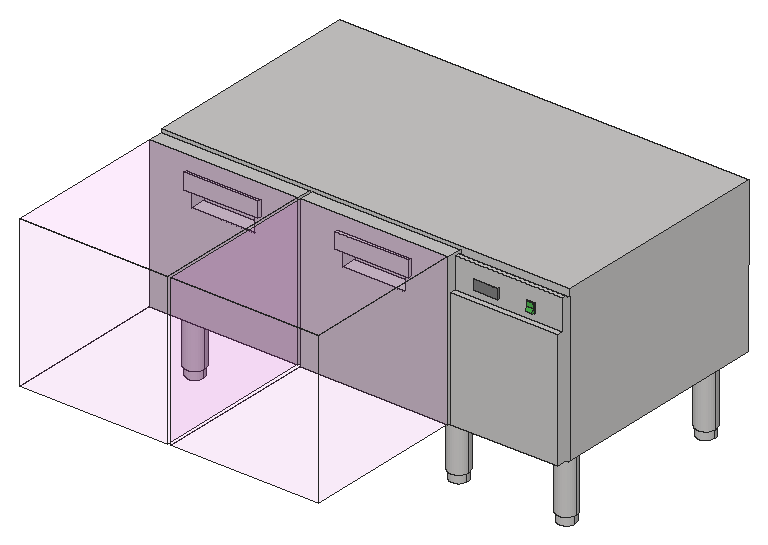
Revit family "QF_ELECTROLUXPROFESSIONAL_371374_E7TTEPCOMIN", category Specialty Equipment, Revit 2018 (continued)
Lines and regions (mm)
  Split face 148
    outline origin (788.396, -348, 142.29) x (0, 0, -1) y (1, 0, 0)
      loop
        arc (-117.004, -234.4) -> (-121.004, -238.41) -> (-116.984, -242.399) r 4
        line (-116.984, -242.399) -> (-85.025, -242.399)
  Split face 149
    outline origin (800.396, -348, 142.29) x (0, 0, -1) y (1, 0, 0)
      loop
        arc (-85.025, -242.399) -> (-81.004, -238.41) -> (-85.004, -234.4) r 4
        line (-85.004, -234.4) -> (-117.004, -234.4)
        arc (-117.004, -234.4) -> (-121.004, -238.41) -> (-116.984, -242.399) r 4
        line (-116.984, -242.399) -> (-85.025, -242.399)
  Split face 150
    outline origin (812.396, -348, 142.29) x (0, 0, -1) y (1, 0, 0)
      loop
        arc (-85.025, -242.399) -> (-81.004, -238.41) -> (-85.004, -234.4) r 4
        line (-85.004, -234.4) -> (-117.004, -234.4)
        arc (-117.004, -234.4) -> (-121.004, -238.41) -> (-116.984, -242.399) r 4
        line (-116.984, -242.399) -> (-85.025, -242.399)
  Split face 151
    outline origin (589.5, -348, 142.29) x (0, 0, -1) y (1, 0, 0)
      loop
        arc (-85.025, -282.599) -> (-81.004, -278.61) -> (-85.004, -274.599) r 4
        line (-85.004, -274.599) -> (-117.004, -274.599)
        arc (-117.004, -274.599) -> (-121.004, -278.61) -> (-116.984, -282.599) r 4
        line (-116.984, -282.599) -> (-85.025, -282.599)
  Split face 152
    outline origin (709.396, -348, 412.291) x (0, 0, -1) y (1, 0, 0)
      loop
        arc (-85.025, -282.599) -> (-81.004, -278.61) -> (-85.004, -274.599) r 4
        line (-85.004, -274.599) -> (-117.004, -274.599)
        arc (-117.004, -274.599) -> (-121.004, -278.61) -> (-116.984, -282.599) r 4
        line (-116.984, -282.599) -> (-85.025, -282.599)
  Split face 153
    outline origin (721.397, -348, 412.291) x (0, 0, -1) y (1, 0, 0)
      loop
        arc (-85.025, -282.599) -> (-81.004, -278.61) -> (-85.004, -274.599) r 4
        line (-85.004, -274.599) -> (-117.004, -274.599)
        arc (-117.004, -274.599) -> (-121.004, -278.61) -> (-116.984, -282.599) r 4
        line (-116.984, -282.599) -> (-85.025, -282.599)
  Split face 154
    outline origin (733.396, -348, 412.291) x (0, 0, -1) y (1, 0, 0)
      loop
        arc (-85.025, -282.599) -> (-81.004, -278.61) -> (-85.004, -274.599) r 4
        line (-85.004, -274.599) -> (-117.004, -274.599)
        arc (-117.004, -274.599) -> (-121.004, -278.61) -> (-116.984, -282.599) r 4
        line (-116.984, -282.599) -> (-85.025, -282.599)
  Split face 155
    outline origin (709.396, -348, 367.29) x (0, 0, -1) y (1, 0, 0)
      loop
        arc (-85.025, -282.599) -> (-81.004, -278.61) -> (-85.004, -274.599) r 4
        line (-85.004, -274.599) -> (-117.004, -274.599)
        arc (-117.004, -274.599) -> (-121.004, -278.61) -> (-116.984, -282.599) r 4
        line (-116.984, -282.599) -> (-85.025, -282.599)
  Split face 156
    outline origin (721.397, -348, 367.29) x (0, 0, -1) y (1, 0, 0)
      loop
        arc (-85.025, -282.599) -> (-81.004, -278.61) -> (-85.004, -274.599) r 4
        line (-85.004, -274.599) -> (-117.004, -274.599)
        arc (-117.004, -274.599) -> (-121.004, -278.61) -> (-116.984, -282.599) r 4
        line (-116.984, -282.599) -> (-85.025, -282.599)
  Split face 157
    outline origin (733.396, -348, 367.29) x (0, 0, -1) y (1, 0, 0)
      loop
        arc (-85.025, -282.599) -> (-81.004, -278.61) -> (-85.004, -274.599) r 4
        line (-85.004, -274.599) -> (-117.004, -274.599)
        arc (-117.004, -274.599) -> (-121.004, -278.61) -> (-116.984, -282.599) r 4
        line (-116.984, -282.599) -> (-85.025, -282.599)
  Split face 158
    outline origin (709.396, -348, 322.29) x (0, 0, -1) y (1, 0, 0)
      loop
        arc (-85.025, -282.599) -> (-81.004, -278.61) -> (-85.004, -274.599) r 4
        line (-85.004, -274.599) -> (-117.004, -274.599)
        arc (-117.004, -274.599) -> (-121.004, -278.61) -> (-116.984, -282.599) r 4
        line (-116.984, -282.599) -> (-85.025, -282.599)
  Split face 159
    outline origin (721.397, -348, 322.29) x (0, 0, -1) y (1, 0, 0)
      loop
        arc (-85.025, -282.599) -> (-81.004, -278.61) -> (-85.004, -274.599) r 4
        line (-85.004, -274.599) -> (-117.004, -274.599)
        arc (-117.004, -274.599) -> (-121.004, -278.61) -> (-116.984, -282.599) r 4
        line (-116.984, -282.599) -> (-85.025, -282.599)
  Split face 160
    outline origin (733.396, -348, 322.29) x (0, 0, -1) y (1, 0, 0)
      loop
        arc (-85.025, -282.599) -> (-81.004, -278.61) -> (-85.004, -274.599) r 4
        line (-85.004, -274.599) -> (-117.004, -274.599)
        arc (-117.004, -274.599) -> (-121.004, -278.61) -> (-116.984, -282.599) r 4
        line (-116.984, -282.599) -> (-85.025, -282.599)
  Split face 161
    outline origin (709.396, -348, 277.29) x (0, 0, -1) y (1, 0, 0)
      loop
        arc (-85.025, -282.599) -> (-81.004, -278.61) -> (-85.004, -274.599) r 4
        line (-85.004, -274.599) -> (-117.004, -274.599)
        arc (-117.004, -274.599) -> (-121.004, -278.61) -> (-116.984, -282.599) r 4
        line (-116.984, -282.599) -> (-85.025, -282.599)
  Split face 162
    outline origin (721.397, -348, 277.29) x (0, 0, -1) y (1, 0, 0)
      loop
        arc (-85.025, -282.599) -> (-81.004, -278.61) -> (-85.004, -274.599) r 4
        line (-85.004, -274.599) -> (-117.004, -274.599)
        arc (-117.004, -274.599) -> (-121.004, -278.61) -> (-116.984, -282.599) r 4
        line (-116.984, -282.599) -> (-85.025, -282.599)
  Split face 163
    outline origin (733.396, -348, 277.29) x (0, 0, -1) y (1, 0, 0)
      loop
        arc (-85.025, -282.599) -> (-81.004, -278.61) -> (-85.004, -274.599) r 4
        line (-85.004, -274.599) -> (-117.004, -274.599)
        arc (-117.004, -274.599) -> (-121.004, -278.61) -> (-116.984, -282.599) r 4
        line (-116.984, -282.599) -> (-85.025, -282.599)
  Split face 164
    outline origin (709.396, -348, 232.29) x (0, 0, -1) y (1, 0, 0)
      loop
        arc (-85.025, -282.599) -> (-81.004, -278.61) -> (-85.004, -274.599) r 4
        line (-85.004, -274.599) -> (-117.004, -274.599)
        arc (-117.004, -274.599) -> (-121.004, -278.61) -> (-116.984, -282.599) r 4
        line (-116.984, -282.599) -> (-85.025, -282.599)
  Split face 165
    outline origin (721.397, -348, 232.29) x (0, 0, -1) y (1, 0, 0)
      loop
        arc (-85.025, -282.599) -> (-81.004, -278.61) -> (-85.004, -274.599) r 4
        line (-85.004, -274.599) -> (-117.004, -274.599)
        arc (-117.004, -274.599) -> (-121.004, -278.61) -> (-116.984, -282.599) r 4
        line (-116.984, -282.599) -> (-85.025, -282.599)
  Split face 166
    outline origin (733.396, -348, 232.29) x (0, 0, -1) y (1, 0, 0)
      loop
        arc (-85.025, -282.599) -> (-81.004, -278.61) -> (-85.004, -274.599) r 4
        line (-85.004, -274.599) -> (-117.004, -274.599)
        arc (-117.004, -274.599) -> (-121.004, -278.61) -> (-116.984, -282.599) r 4
        line (-116.984, -282.599) -> (-85.025, -282.599)
  Split face 167
    outline origin (709.396, -348, 187.29) x (0, 0, -1) y (1, 0, 0)
      loop
        arc (-85.025, -282.599) -> (-81.004, -278.61) -> (-85.004, -274.599) r 4
        line (-85.004, -274.599) -> (-117.004, -274.599)
        arc (-117.004, -274.599) -> (-121.004, -278.61) -> (-116.984, -282.599) r 4
        line (-116.984, -282.599) -> (-85.025, -282.599)
  Split face 168
    outline origin (721.397, -348, 187.29) x (0, 0, -1) y (1, 0, 0)
      loop
        arc (-85.025, -282.599) -> (-81.004, -278.61) -> (-85.004, -274.599) r 4
        line (-85.004, -274.599) -> (-117.004, -274.599)
        arc (-117.004, -274.599) -> (-121.004, -278.61) -> (-116.984, -282.599) r 4
        line (-116.984, -282.599) -> (-85.025, -282.599)
  Split face 169
    outline origin (733.396, -348, 187.29) x (0, 0, -1) y (1, 0, 0)
      loop
        arc (-85.025, -282.599) -> (-81.004, -278.61) -> (-85.004, -274.599) r 4
        line (-85.004, -274.599) -> (-117.004, -274.599)
        arc (-117.004, -274.599) -> (-121.004, -278.61) -> (-116.984, -282.599) r 4
        line (-116.984, -282.599) -> (-85.025, -282.599)
  Split face 170
    outline origin (709.396, -348, 142.29) x (0, 0, -1) y (1, 0, 0)
      loop
        arc (-85.025, -282.599) -> (-81.004, -278.61) -> (-85.004, -274.599) r 4
        line (-85.004, -274.599) -> (-117.004, -274.599)
        arc (-117.004, -274.599) -> (-121.004, -278.61) -> (-116.984, -282.599) r 4
        line (-116.984, -282.599) -> (-85.025, -282.599)
  Split face 171
    outline origin (721.397, -348, 142.29) x (0, 0, -1) y (1, 0, 0)
      loop
        arc (-85.025, -282.599) -> (-81.004, -278.61) -> (-85.004, -274.599) r 4
        line (-85.004, -274.599) -> (-117.004, -274.599)
        arc (-117.004, -274.599) -> (-121.004, -278.61) -> (-116.984, -282.599) r 4
        line (-116.984, -282.599) -> (-85.025, -282.599)
  Split face 172
    outline origin (733.396, -348, 142.29) x (0, 0, -1) y (1, 0, 0)
      loop
        arc (-85.025, -282.599) -> (-81.004, -278.61) -> (-85.004, -274.599) r 4
        line (-85.004, -274.599) -> (-117.004, -274.599)
        arc (-117.004, -274.599) -> (-121.004, -278.61) -> (-116.984, -282.599) r 4
        line (-116.984, -282.599) -> (-85.025, -282.599)
  symbolic lines, style "SpecialityEquipmentHiddenLines"
    curve 1: line (-599, 350, 0) -> (599, 350, 0)
    curve 2: line (-599, -348, 0) -> (-599, 350, 0)
    curve 3: line (599, -348, 0) -> (-599, -348, 0)
    curve 4: line (599, 350, 0) -> (599, -348, 0)
    curve 17: line (-599, -303, 0) -> (599, -303, 0)
  symbolic lines, style "QF_Door-Drawer Clearances"
    curve 5: line (-579, -348, 0) -> (-579, -473, 0)
    curve 6: line (-184.999, -473, 0) -> (-184.999, -348, 0)
    curve 7: line (-136.499, -348, 0) -> (-136.499, -473, 0)
    curve 8: line (257.502, -473, 0) -> (257.502, -348, 0)
    curve 9: line (-599, -473, 0) -> (-164.999, -473, 0)
    curve 10: line (-156.499, -473, 0) -> (277.502, -473, 0)
    curve 11: line (-599, -513, 0) -> (-164.999, -513, 0)
    curve 12: line (-156.499, -513, 0) -> (277.502, -513, 0)
    curve 13: line (-164.999, -513, 0) -> (-164.999, -473, 0)
    curve 14: line (-156.499, -473, 0) -> (-156.499, -513, 0)
    curve 15: line (-599, -473, 0) -> (-599, -513, 0)
    curve 16: line (277.502, -513, 0) -> (277.502, -473, 0)
Dimensions and locks
  plane 4 to level = 200 mm
  plane 5 "TOP" to level = 650 mm
  plane 5 "TOP" to plane 4 = 450 mm
  equal spacing: plane 8 "LEFT", plane 3 "Centro (Sinistra/Destra)", plane 9 "RIGHT"
  plane 8 "LEFT" to plane 9 "RIGHT" = 1200 mm
  equal spacing: plane 6 "BACK", plane 1 "Center X", plane 7 "FRONT"
  plane 6 "BACK" to plane 7 "FRONT" = 700 mm
  locked: plane 6 "BACK" to plane 10 at 653
  locked: plane 10 to plane 11 at 45
  locked: plane 8 "LEFT" to plane 12 at 55
  locked: plane 13 to plane 9 "RIGHT" at 55
  locked: plane 12 to plane 14 at 774
  locked: plane 6 "BACK" to plane 15 at 88
  locked: plane 16 to plane 11 at 99
  locked: plane 19 to plane 9 "RIGHT" at 1
  locked: plane 8 "LEFT" to plane 18 at 1
  plane 19 to plane 17 = 313 mm
  locked: plane 6 "BACK" to plane 20 at 160
  plane 21 to plane 9 "RIGHT" = 40 mm
  aligned and locked: level to plane 2
  aligned and locked: plane 12 to nested 1
  aligned and locked: nested 1 to plane 16
  aligned and locked: nested 2 to plane 15
  aligned and locked: plane 14 to nested 3
  aligned and locked: nested 4 to plane 14
  aligned and locked: plane 13 to nested 5
  aligned and locked: nested 6 to plane 13
  aligned and locked: Extrusion 1 sketch curve to plane 6 "BACK"
  aligned and locked: plane 10 to Extrusion 1 sketch curve
  aligned and locked: Extrusion 2 to plane 11
  aligned and locked: Extrusion 10 to plane 11
  aligned and locked: plane 19 to Extrusion 1
  aligned and locked: plane 4 to Extrusion 12
Automatic sketch dimensions
  Extrusion 2 sketch curve to plane 18 = 0 mm
  plane 12 to Extrusion 2 sketch curve = 69.7 mm
  Extrusion 2 sketch curve to Extrusion 2 sketch curve = 186.601 mm
  Extrusion 2 sketch curve to plane 5 "TOP" = 9.006 mm
  Extrusion 2 sketch curve to Extrusion 2 sketch curve = 123.7 mm
  Extrusion 2 sketch curve to plane 5 "TOP" = 65 mm
  Extrusion 2 sketch curve to Extrusion 2 sketch curve = 78.294 mm
  plane 4 to Extrusion 2 sketch curve = 1.587 mm
  Extrusion 2 to Extrusion 3 sketch curve = 0 mm
  Extrusion 3 sketch curve to Extrusion 2 = 0 mm  (x3)
  Extrusion 4 sketch curve to plane 4 = 0 mm
  Extrusion 4 sketch curve to plane 10 = 0 mm
  Extrusion 4 sketch curve to plane 10 = 5.442 mm
  plane 4 to Extrusion 4 sketch curve = 4.796 mm
  Extrusion 4 sketch curve to Extrusion 4 sketch curve = 9.721 mm
  Extrusion 4 sketch curve to plane 10 = 16.763 mm
  Extrusion 4 sketch curve to Extrusion 4 sketch curve = 11.336 mm
  plane 11 to Extrusion 4 sketch curve = 0 mm
  Extrusion 4 sketch curve to plane 5 "TOP" = 100.204 mm
  Extrusion 4 sketch curve to plane 5 "TOP" = 20.473 mm
  Extrusion 4 sketch curve to plane 5 "TOP" = 9.006 mm
  Extrusion 4 to Extrusion 5 sketch curve = 42.198 mm
  Extrusion 5 sketch curve to Extrusion 4 = 20 mm
  Extrusion 4 to Extrusion 5 sketch curve = 102.899 mm
  Extrusion 5 sketch curve to Extrusion 5 sketch curve = 22 mm
  Extrusion 4 to Extrusion 6 sketch curve = 42.198 mm
  Extrusion 6 sketch curve to Extrusion 4 = 20 mm
  Extrusion 4 to Extrusion 6 sketch curve = 54.901 mm
  Extrusion 6 sketch curve to Extrusion 6 sketch curve = 70 mm
  Split face 1 sketch curve to Extrusion 6 = 5 mm
  Split face 1 sketch curve to Extrusion 6 = 9 mm
  Split face 1 sketch curve to Extrusion 6 = 10 mm  (x2)
  Split face 2 sketch curve to Extrusion 6 = 12.5 mm
  Split face 2 sketch curve to Extrusion 6 = 7 mm
  Split face 3 sketch curve to Extrusion 6 = 7.5 mm
  Split face 3 sketch curve to Extrusion 6 = 7 mm
  Split face 4 sketch curve to Extrusion 6 = 11.5 mm
  Split face 4 sketch curve to Extrusion 6 = 7 mm
  Split face 5 sketch curve to Extrusion 6 = 7.5 mm
  Split face 5 sketch curve to Extrusion 6 = 7 mm
  Split face 6 sketch curve to Extrusion 6 = 12.5 mm
  Split face 6 sketch curve to Extrusion 6 = 7 mm
  Split face 7 sketch curve to Extrusion 6 = 11.5 mm
  Split face 7 sketch curve to Extrusion 6 = 7 mm
  Split face 8 sketch curve to Extrusion 6 = 7.047 mm
  Split face 8 sketch curve to Extrusion 6 = 2.047 mm
  Split face 8 sketch curve to Extrusion 6 = 10 mm
  Split face 8 sketch curve to Split face 8 sketch curve = 11 mm
  Split face 9 sketch curve to Extrusion 6 = 7.047 mm
  Split face 9 sketch curve to Extrusion 6 = 2.047 mm
  Split face 9 sketch curve to Extrusion 6 = 23 mm
  Split face 9 sketch curve to Split face 9 sketch curve = 11 mm
  Split face 10 sketch curve to Extrusion 6 = 7.047 mm
  Split face 10 sketch curve to Extrusion 6 = 2.047 mm
  Split face 10 sketch curve to Extrusion 6 = 34 mm
  Split face 10 sketch curve to Split face 10 sketch curve = 11 mm
  Split face 11 sketch curve to Extrusion 6 = 7.047 mm
  Split face 11 sketch curve to Extrusion 6 = 2.047 mm
  Split face 11 sketch curve to Extrusion 6 = 21 mm
  Split face 11 sketch curve to Extrusion 6 = 10 mm
  Extrusion 7 sketch curve to Extrusion 7 sketch curve = 0 mm  (x3)
  Extrusion 7 sketch curve to Extrusion 5 = 0 mm
  Extrusion 5 to Extrusion 7 sketch curve = 2.279 mm
  Extrusion 7 sketch curve to Extrusion 7 sketch curve = 0.116 mm
  Extrusion 7 sketch curve to Extrusion 7 sketch curve = 12.105 mm
  Extrusion 5 to Extrusion 7 sketch curve = 3.692 mm
  Extrusion 5 to Extrusion 7 sketch curve = 2.395 mm
  Split face 12 sketch curve to Extrusion 4 = 20.5 mm
  Split face 12 sketch curve to Split face 12 sketch curve = 0.02 mm  (x2)
  Split face 12 sketch curve to Split face 12 sketch curve = 31.959 mm
  Split face 12 sketch curve to Extrusion 4 = 32.901 mm
  Split face 12 sketch curve to Split face 12 sketch curve = 4 mm
  Split face 13 sketch curve to Extrusion 4 = 20.5 mm
  Split face 13 sketch curve to Split face 13 sketch curve = 0.02 mm  (x2)
  Split face 13 sketch curve to Split face 13 sketch curve = 31.959 mm
  Split face 13 sketch curve to Extrusion 4 = 44.9 mm
  Split face 13 sketch curve to Split face 13 sketch curve = 4 mm
  Split face 14 sketch curve to Extrusion 4 = 20.5 mm
  Split face 14 sketch curve to Split face 14 sketch curve = 0.02 mm  (x2)
  Split face 14 sketch curve to Split face 14 sketch curve = 31.959 mm
  Split face 14 sketch curve to Extrusion 4 = 56.9 mm
  Split face 14 sketch curve to Split face 14 sketch curve = 4 mm
  Split face 15 sketch curve to Extrusion 4 = 20.5 mm
  Split face 15 sketch curve to Split face 15 sketch curve = 0.02 mm  (x2)
  Split face 15 sketch curve to Split face 15 sketch curve = 31.959 mm
  Split face 15 sketch curve to Extrusion 4 = 68.797 mm
  Split face 15 sketch curve to Split face 15 sketch curve = 4 mm
  Split face 16 sketch curve to Extrusion 4 = 20.5 mm
  Split face 16 sketch curve to Split face 16 sketch curve = 0.02 mm  (x2)
  Split face 16 sketch curve to Split face 16 sketch curve = 31.959 mm
  Split face 16 sketch curve to Extrusion 4 = 80.797 mm
  Split face 16 sketch curve to Split face 16 sketch curve = 4 mm
  Split face 17 sketch curve to Extrusion 4 = 20.5 mm
  Split face 17 sketch curve to Split face 17 sketch curve = 0.02 mm  (x2)
  Split face 17 sketch curve to Split face 17 sketch curve = 31.959 mm
  Split face 17 sketch curve to Extrusion 4 = 92.797 mm
  Split face 17 sketch curve to Split face 17 sketch curve = 4 mm
  Split face 18 sketch curve to Extrusion 4 = 20.5 mm
  Split face 18 sketch curve to Split face 18 sketch curve = 0.02 mm  (x2)
  Split face 18 sketch curve to Split face 18 sketch curve = 31.959 mm
  Split face 18 sketch curve to Extrusion 4 = 104.797 mm
  Split face 18 sketch curve to Split face 18 sketch curve = 4 mm
  Split face 19 sketch curve to Extrusion 4 = 20.5 mm
  Split face 19 sketch curve to Split face 19 sketch curve = 0.02 mm  (x2)
  Split face 19 sketch curve to Split face 19 sketch curve = 31.959 mm
  Split face 19 sketch curve to Extrusion 4 = 116.797 mm
  Split face 19 sketch curve to Split face 19 sketch curve = 4 mm
  Split face 20 sketch curve to Extrusion 4 = 20.5 mm
  Split face 20 sketch curve to Split face 20 sketch curve = 0.02 mm  (x2)
  Split face 20 sketch curve to Split face 20 sketch curve = 31.959 mm
  Split face 20 sketch curve to Extrusion 4 = 128.797 mm
  Split face 20 sketch curve to Split face 20 sketch curve = 4 mm
  Split face 21 sketch curve to Extrusion 4 = 20.5 mm
  Split face 21 sketch curve to Split face 21 sketch curve = 0.02 mm  (x2)
  Split face 21 sketch curve to Split face 21 sketch curve = 31.959 mm
  Split face 21 sketch curve to Extrusion 4 = 137.003 mm
  Split face 21 sketch curve to Split face 21 sketch curve = 4 mm
  Split face 22 sketch curve to Extrusion 4 = 20.5 mm
  Split face 22 sketch curve to Split face 22 sketch curve = 0.02 mm  (x2)
  Split face 22 sketch curve to Split face 22 sketch curve = 31.959 mm
  Split face 22 sketch curve to Extrusion 4 = 125.004 mm
  Split face 22 sketch curve to Split face 22 sketch curve = 4 mm
  Split face 23 sketch curve to Extrusion 4 = 20.5 mm
  Split face 23 sketch curve to Split face 23 sketch curve = 0.02 mm  (x2)
  Split face 23 sketch curve to Split face 23 sketch curve = 31.959 mm
  Split face 23 sketch curve to Extrusion 4 = 113.003 mm
  Split face 23 sketch curve to Split face 23 sketch curve = 4 mm
  Split face 24 sketch curve to Extrusion 4 = 20.5 mm
  Split face 24 sketch curve to Split face 24 sketch curve = 0.02 mm  (x2)
  Split face 24 sketch curve to Split face 24 sketch curve = 31.959 mm
  Split face 24 sketch curve to Extrusion 4 = 101.003 mm
  Split face 24 sketch curve to Split face 24 sketch curve = 4 mm
  Split face 25 sketch curve to Extrusion 4 = 20.5 mm
  Split face 25 sketch curve to Split face 25 sketch curve = 0.02 mm  (x2)
  Split face 25 sketch curve to Split face 25 sketch curve = 31.959 mm
  Split face 25 sketch curve to Extrusion 4 = 89.003 mm
  Split face 25 sketch curve to Split face 25 sketch curve = 4 mm
  Split face 26 sketch curve to Extrusion 4 = 20.5 mm
  Split face 26 sketch curve to Split face 26 sketch curve = 0.02 mm  (x2)
  Split face 26 sketch curve to Split face 26 sketch curve = 31.959 mm
  Split face 26 sketch curve to Extrusion 4 = 77.004 mm
  Split face 26 sketch curve to Split face 26 sketch curve = 4 mm
  Split face 27 sketch curve to Extrusion 4 = 20.5 mm
  Split face 27 sketch curve to Split face 27 sketch curve = 0.02 mm  (x2)
  Split face 27 sketch curve to Split face 27 sketch curve = 31.959 mm
  Split face 27 sketch curve to Extrusion 4 = 65.003 mm
  Split face 27 sketch curve to Split face 27 sketch curve = 4 mm
  Split face 28 sketch curve to Extrusion 4 = 20.5 mm
  Split face 28 sketch curve to Split face 28 sketch curve = 0.02 mm  (x2)
  Split face 28 sketch curve to Split face 28 sketch curve = 31.959 mm
  Split face 28 sketch curve to Extrusion 4 = 53.004 mm
  Split face 28 sketch curve to Split face 28 sketch curve = 4 mm
  Split face 29 sketch curve to Extrusion 4 = 20.5 mm
  Split face 29 sketch curve to Split face 29 sketch curve = 0.02 mm  (x2)
  Split face 29 sketch curve to Split face 29 sketch curve = 31.959 mm
  Split face 29 sketch curve to Extrusion 4 = 41.004 mm
  Split face 29 sketch curve to Split face 29 sketch curve = 4 mm
  Split face 30 sketch curve to Extrusion 4 = 20.5 mm
  Split face 30 sketch curve to Split face 30 sketch curve = 0.02 mm  (x2)
  Split face 30 sketch curve to Split face 30 sketch curve = 31.959 mm
  Split face 30 sketch curve to Extrusion 4 = 29.004 mm
  Split face 30 sketch curve to Split face 30 sketch curve = 4 mm
  Split face 31 sketch curve to Extrusion 4 = 20.5 mm
  Split face 31 sketch curve to Split face 31 sketch curve = 0.02 mm  (x2)
  Split face 31 sketch curve to Split face 31 sketch curve = 31.959 mm
  Split face 31 sketch curve to Extrusion 4 = 20.901 mm
  Split face 31 sketch curve to Split face 31 sketch curve = 4 mm
  Split face 32 sketch curve to Extrusion 4 = 65.502 mm
  Split face 32 sketch curve to Split face 32 sketch curve = 0.02 mm  (x2)
  Split face 32 sketch curve to Split face 32 sketch curve = 31.959 mm
  Split face 32 sketch curve to Extrusion 4 = 32.901 mm
  Split face 32 sketch curve to Split face 32 sketch curve = 4 mm
  Split face 33 sketch curve to Extrusion 4 = 65.502 mm
  Split face 33 sketch curve to Split face 33 sketch curve = 0.02 mm  (x2)
  Split face 33 sketch curve to Split face 33 sketch curve = 31.959 mm
  Split face 33 sketch curve to Extrusion 4 = 44.9 mm
  Split face 33 sketch curve to Split face 33 sketch curve = 4 mm
  Split face 34 sketch curve to Extrusion 4 = 65.502 mm
  Split face 34 sketch curve to Split face 34 sketch curve = 0.02 mm  (x2)
  Split face 34 sketch curve to Split face 34 sketch curve = 31.959 mm
  Split face 34 sketch curve to Extrusion 4 = 56.9 mm
  Split face 34 sketch curve to Split face 34 sketch curve = 4 mm
  Split face 35 sketch curve to Extrusion 4 = 65.502 mm
  Split face 35 sketch curve to Split face 35 sketch curve = 0.02 mm  (x2)
  Split face 35 sketch curve to Split face 35 sketch curve = 31.959 mm
  Split face 35 sketch curve to Extrusion 4 = 68.797 mm
  Split face 35 sketch curve to Split face 35 sketch curve = 4 mm
  Split face 36 sketch curve to Extrusion 4 = 65.502 mm
  Split face 36 sketch curve to Split face 36 sketch curve = 0.02 mm  (x2)
  Split face 36 sketch curve to Split face 36 sketch curve = 31.959 mm
  Split face 36 sketch curve to Extrusion 4 = 80.797 mm
  Split face 36 sketch curve to Split face 36 sketch curve = 4 mm
  Split face 37 sketch curve to Extrusion 4 = 65.502 mm
  Split face 37 sketch curve to Split face 37 sketch curve = 0.02 mm  (x2)
  Split face 37 sketch curve to Split face 37 sketch curve = 31.959 mm
  Split face 37 sketch curve to Extrusion 4 = 92.797 mm
  Split face 37 sketch curve to Split face 37 sketch curve = 4 mm
  Split face 38 sketch curve to Extrusion 4 = 65.502 mm
  Split face 38 sketch curve to Split face 38 sketch curve = 0.02 mm  (x2)
  Split face 38 sketch curve to Split face 38 sketch curve = 31.959 mm
  Split face 38 sketch curve to Extrusion 4 = 104.797 mm
  Split face 38 sketch curve to Split face 38 sketch curve = 4 mm
  Split face 39 sketch curve to Extrusion 4 = 65.502 mm
  Split face 39 sketch curve to Split face 39 sketch curve = 0.02 mm  (x2)
  Split face 39 sketch curve to Split face 39 sketch curve = 31.959 mm
  Split face 39 sketch curve to Extrusion 4 = 116.797 mm
  Split face 39 sketch curve to Split face 39 sketch curve = 4 mm
  Split face 40 sketch curve to Extrusion 4 = 65.502 mm
  Split face 40 sketch curve to Split face 40 sketch curve = 0.02 mm  (x2)
  Split face 40 sketch curve to Split face 40 sketch curve = 31.959 mm
  Split face 40 sketch curve to Extrusion 4 = 128.797 mm
  Split face 40 sketch curve to Split face 40 sketch curve = 4 mm
  Split face 41 sketch curve to Extrusion 4 = 65.502 mm
  Split face 41 sketch curve to Split face 41 sketch curve = 0.02 mm  (x2)
  Split face 41 sketch curve to Split face 41 sketch curve = 31.959 mm
  Split face 41 sketch curve to Extrusion 4 = 137.003 mm
  Split face 41 sketch curve to Split face 41 sketch curve = 4 mm
  Split face 42 sketch curve to Extrusion 4 = 65.502 mm
  Split face 42 sketch curve to Split face 42 sketch curve = 0.02 mm  (x2)
  Split face 42 sketch curve to Split face 42 sketch curve = 31.959 mm
  Split face 42 sketch curve to Extrusion 4 = 125.004 mm
  Split face 42 sketch curve to Split face 42 sketch curve = 4 mm
  Split face 43 sketch curve to Extrusion 4 = 65.502 mm
  Split face 43 sketch curve to Split face 43 sketch curve = 0.02 mm  (x2)
  Split face 43 sketch curve to Split face 43 sketch curve = 31.959 mm
  Split face 43 sketch curve to Extrusion 4 = 113.003 mm
  Split face 43 sketch curve to Split face 43 sketch curve = 4 mm
  Split face 44 sketch curve to Extrusion 4 = 65.502 mm
  Split face 44 sketch curve to Split face 44 sketch curve = 0.02 mm  (x2)
  Split face 44 sketch curve to Split face 44 sketch curve = 31.959 mm
  Split face 44 sketch curve to Extrusion 4 = 101.003 mm
  Split face 44 sketch curve to Split face 44 sketch curve = 4 mm
  Split face 45 sketch curve to Extrusion 4 = 65.502 mm
  Split face 45 sketch curve to Split face 45 sketch curve = 0.02 mm  (x2)
  Split face 45 sketch curve to Split face 45 sketch curve = 31.959 mm
  Split face 45 sketch curve to Extrusion 4 = 89.003 mm
  Split face 45 sketch curve to Split face 45 sketch curve = 4 mm
  Split face 46 sketch curve to Extrusion 4 = 65.502 mm
  Split face 46 sketch curve to Split face 46 sketch curve = 0.02 mm  (x2)
  Split face 46 sketch curve to Split face 46 sketch curve = 31.959 mm
  Split face 46 sketch curve to Extrusion 4 = 77.004 mm
  Split face 46 sketch curve to Split face 46 sketch curve = 4 mm
  Split face 47 sketch curve to Extrusion 4 = 65.502 mm
  Split face 47 sketch curve to Split face 47 sketch curve = 0.02 mm  (x2)
  Split face 47 sketch curve to Split face 47 sketch curve = 31.959 mm
  Split face 47 sketch curve to Extrusion 4 = 65.003 mm
  Split face 47 sketch curve to Split face 47 sketch curve = 4 mm
  Split face 48 sketch curve to Extrusion 4 = 65.502 mm
  Split face 48 sketch curve to Split face 48 sketch curve = 0.02 mm  (x2)
  Split face 48 sketch curve to Split face 48 sketch curve = 31.959 mm
  Split face 48 sketch curve to Extrusion 4 = 53.004 mm
  Split face 48 sketch curve to Split face 48 sketch curve = 4 mm
  Split face 49 sketch curve to Extrusion 4 = 65.502 mm
  Split face 49 sketch curve to Split face 49 sketch curve = 0.02 mm  (x2)
  Split face 49 sketch curve to Split face 49 sketch curve = 31.959 mm
  Split face 49 sketch curve to Extrusion 4 = 41.004 mm
  Split face 49 sketch curve to Split face 49 sketch curve = 4 mm
  Split face 50 sketch curve to Extrusion 4 = 25.004 mm
  Split face 50 sketch curve to Extrusion 4 = 65.502 mm
  Split face 50 sketch curve to Split face 50 sketch curve = 0.02 mm  (x2)
  Split face 50 sketch curve to Split face 50 sketch curve = 31.959 mm
  Split face 50 sketch curve to Split face 50 sketch curve = 4 mm
  Split face 51 sketch curve to Extrusion 4 = 24.901 mm
  Split face 51 sketch curve to Extrusion 4 = 65.502 mm
  Split face 51 sketch curve to Split face 51 sketch curve = 0.02 mm  (x2)
  Split face 51 sketch curve to Split face 51 sketch curve = 31.959 mm
  Split face 51 sketch curve to Split face 51 sketch curve = 4 mm
  Split face 52 sketch curve to Extrusion 4 = 36.901 mm
  Split face 52 sketch curve to Extrusion 4 = 110.502 mm
  Split face 52 sketch curve to Split face 52 sketch curve = 0.02 mm  (x2)
  Split face 52 sketch curve to Split face 52 sketch curve = 31.959 mm
  Split face 52 sketch curve to Split face 52 sketch curve = 4 mm
  Split face 53 sketch curve to Extrusion 4 = 48.9 mm
  Split face 53 sketch curve to Extrusion 4 = 110.502 mm
  Split face 53 sketch curve to Split face 53 sketch curve = 0.02 mm  (x2)
  Split face 53 sketch curve to Split face 53 sketch curve = 31.959 mm
  Split face 53 sketch curve to Split face 53 sketch curve = 4 mm
  Split face 54 sketch curve to Extrusion 4 = 110.502 mm
  Split face 54 sketch curve to Split face 54 sketch curve = 0.02 mm  (x2)
  Split face 54 sketch curve to Split face 54 sketch curve = 31.959 mm
  Split face 54 sketch curve to Extrusion 4 = 56.9 mm
  Split face 54 sketch curve to Split face 54 sketch curve = 4 mm
  Split face 55 sketch curve to Extrusion 4 = 110.502 mm
  Split face 55 sketch curve to Split face 55 sketch curve = 0.02 mm  (x2)
  Split face 55 sketch curve to Split face 55 sketch curve = 31.959 mm
  Split face 55 sketch curve to Extrusion 4 = 68.797 mm
  Split face 55 sketch curve to Split face 55 sketch curve = 4 mm
  Split face 56 sketch curve to Extrusion 4 = 110.502 mm
  Split face 56 sketch curve to Split face 56 sketch curve = 0.02 mm  (x2)
  Split face 56 sketch curve to Split face 56 sketch curve = 31.959 mm
  Split face 56 sketch curve to Extrusion 4 = 80.797 mm
  Split face 56 sketch curve to Split face 56 sketch curve = 4 mm
  Split face 57 sketch curve to Extrusion 4 = 110.502 mm
  Split face 57 sketch curve to Split face 57 sketch curve = 0.02 mm  (x2)
  Split face 57 sketch curve to Split face 57 sketch curve = 31.959 mm
  Split face 57 sketch curve to Extrusion 4 = 92.797 mm
  Split face 57 sketch curve to Split face 57 sketch curve = 4 mm
  Split face 58 sketch curve to Extrusion 4 = 110.502 mm
  Split face 58 sketch curve to Split face 58 sketch curve = 0.02 mm  (x2)
  Split face 58 sketch curve to Split face 58 sketch curve = 31.959 mm
  Split face 58 sketch curve to Extrusion 4 = 104.797 mm
  Split face 58 sketch curve to Split face 58 sketch curve = 4 mm
  Split face 59 sketch curve to Extrusion 4 = 110.502 mm
  Split face 59 sketch curve to Split face 59 sketch curve = 0.02 mm  (x2)
  Split face 59 sketch curve to Split face 59 sketch curve = 31.959 mm
  Split face 59 sketch curve to Extrusion 4 = 116.797 mm
  Split face 59 sketch curve to Split face 59 sketch curve = 4 mm
  Split face 60 sketch curve to Extrusion 4 = 110.502 mm
  Split face 60 sketch curve to Split face 60 sketch curve = 0.02 mm  (x2)
  Split face 60 sketch curve to Split face 60 sketch curve = 31.959 mm
  Split face 60 sketch curve to Extrusion 4 = 128.797 mm
  Split face 60 sketch curve to Split face 60 sketch curve = 4 mm
  Split face 61 sketch curve to Extrusion 4 = 110.502 mm
  Split face 61 sketch curve to Split face 61 sketch curve = 0.02 mm  (x2)
  Split face 61 sketch curve to Split face 61 sketch curve = 31.959 mm
  Split face 61 sketch curve to Extrusion 4 = 137.003 mm
  Split face 61 sketch curve to Split face 61 sketch curve = 4 mm
  Split face 62 sketch curve to Extrusion 4 = 110.502 mm
  Split face 62 sketch curve to Split face 62 sketch curve = 0.02 mm  (x2)
  Split face 62 sketch curve to Split face 62 sketch curve = 31.959 mm
  Split face 62 sketch curve to Extrusion 4 = 125.004 mm
  Split face 62 sketch curve to Split face 62 sketch curve = 4 mm
  Split face 63 sketch curve to Extrusion 4 = 110.502 mm
  Split face 63 sketch curve to Split face 63 sketch curve = 0.02 mm  (x2)
  Split face 63 sketch curve to Split face 63 sketch curve = 31.959 mm
  Split face 63 sketch curve to Extrusion 4 = 113.003 mm
  Split face 63 sketch curve to Split face 63 sketch curve = 4 mm
  Split face 64 sketch curve to Extrusion 4 = 110.502 mm
  Split face 64 sketch curve to Split face 64 sketch curve = 0.02 mm  (x2)
  Split face 64 sketch curve to Split face 64 sketch curve = 31.959 mm
  Split face 64 sketch curve to Extrusion 4 = 101.003 mm
  Split face 64 sketch curve to Split face 64 sketch curve = 4 mm
  Split face 65 sketch curve to Extrusion 4 = 110.502 mm
  Split face 65 sketch curve to Split face 65 sketch curve = 0.02 mm  (x2)
  Split face 65 sketch curve to Split face 65 sketch curve = 31.959 mm
  Split face 65 sketch curve to Extrusion 4 = 89.003 mm
  Split face 65 sketch curve to Split face 65 sketch curve = 4 mm
  Split face 66 sketch curve to Extrusion 4 = 110.502 mm
  Split face 66 sketch curve to Split face 66 sketch curve = 0.02 mm  (x2)
  Split face 66 sketch curve to Split face 66 sketch curve = 31.959 mm
  Split face 66 sketch curve to Extrusion 4 = 77.004 mm
  Split face 66 sketch curve to Split face 66 sketch curve = 4 mm
  Split face 67 sketch curve to Extrusion 4 = 110.502 mm
  Split face 67 sketch curve to Split face 67 sketch curve = 0.02 mm  (x2)
  Split face 67 sketch curve to Split face 67 sketch curve = 31.959 mm
  Split face 67 sketch curve to Extrusion 4 = 65.003 mm
  Split face 67 sketch curve to Split face 67 sketch curve = 4 mm
  Split face 68 sketch curve to Extrusion 4 = 49.004 mm
  Split face 68 sketch curve to Extrusion 4 = 110.502 mm
  Split face 68 sketch curve to Split face 68 sketch curve = 0.02 mm  (x2)
  Split face 68 sketch curve to Split face 68 sketch curve = 31.959 mm
  Split face 68 sketch curve to Split face 68 sketch curve = 4 mm
  Split face 69 sketch curve to Extrusion 4 = 37.004 mm
  Split face 69 sketch curve to Extrusion 4 = 110.502 mm
  Split face 69 sketch curve to Split face 69 sketch curve = 0.02 mm  (x2)
  Split face 69 sketch curve to Split face 69 sketch curve = 31.959 mm
  Split face 69 sketch curve to Split face 69 sketch curve = 4 mm
  Split face 70 sketch curve to Extrusion 4 = 25.004 mm
  Split face 70 sketch curve to Extrusion 4 = 110.502 mm
  Split face 70 sketch curve to Split face 70 sketch curve = 0.02 mm  (x2)
  Split face 70 sketch curve to Split face 70 sketch curve = 31.959 mm
  Split face 70 sketch curve to Split face 70 sketch curve = 4 mm
  Split face 71 sketch curve to Extrusion 4 = 24.901 mm
  Split face 71 sketch curve to Extrusion 4 = 110.502 mm
  Split face 71 sketch curve to Split face 71 sketch curve = 0.02 mm  (x2)
  Split face 71 sketch curve to Split face 71 sketch curve = 31.959 mm
  Split face 71 sketch curve to Split face 71 sketch curve = 4 mm
  Split face 72 sketch curve to Extrusion 4 = 36.901 mm
  Split face 72 sketch curve to Extrusion 4 = 155.502 mm
  Split face 72 sketch curve to Split face 72 sketch curve = 0.02 mm  (x2)
  Split face 72 sketch curve to Split face 72 sketch curve = 31.959 mm
  Split face 72 sketch curve to Split face 72 sketch curve = 4 mm
  Split face 73 sketch curve to Extrusion 4 = 48.9 mm
  Split face 73 sketch curve to Extrusion 4 = 155.502 mm
  Split face 73 sketch curve to Split face 73 sketch curve = 0.02 mm  (x2)
  Split face 73 sketch curve to Split face 73 sketch curve = 31.959 mm
  Split face 73 sketch curve to Split face 73 sketch curve = 4 mm
  Split face 74 sketch curve to Extrusion 4 = 60.9 mm
  Split face 74 sketch curve to Extrusion 4 = 155.502 mm
  Split face 74 sketch curve to Split face 74 sketch curve = 0.02 mm  (x2)
  Split face 74 sketch curve to Split face 74 sketch curve = 31.959 mm
  Split face 74 sketch curve to Split face 74 sketch curve = 4 mm
  Split face 75 sketch curve to Extrusion 4 = 72.797 mm
  Split face 75 sketch curve to Extrusion 4 = 155.502 mm
  Split face 75 sketch curve to Split face 75 sketch curve = 0.02 mm  (x2)
  Split face 75 sketch curve to Split face 75 sketch curve = 31.959 mm
  Split face 75 sketch curve to Split face 75 sketch curve = 4 mm
  Split face 76 sketch curve to Extrusion 4 = 155.502 mm
  Split face 76 sketch curve to Split face 76 sketch curve = 0.02 mm  (x2)
  Split face 76 sketch curve to Split face 76 sketch curve = 31.959 mm
  Split face 76 sketch curve to Extrusion 4 = 80.797 mm
  Split face 76 sketch curve to Split face 76 sketch curve = 4 mm
  Split face 77 sketch curve to Extrusion 4 = 155.502 mm
  Split face 77 sketch curve to Split face 77 sketch curve = 0.02 mm  (x2)
  Split face 77 sketch curve to Split face 77 sketch curve = 31.959 mm
  Split face 77 sketch curve to Extrusion 4 = 92.797 mm
  Split face 77 sketch curve to Split face 77 sketch curve = 4 mm
  Split face 78 sketch curve to Extrusion 4 = 155.502 mm
  Split face 78 sketch curve to Split face 78 sketch curve = 0.02 mm  (x2)
  Split face 78 sketch curve to Split face 78 sketch curve = 31.959 mm
  Split face 78 sketch curve to Extrusion 4 = 104.797 mm
  Split face 78 sketch curve to Split face 78 sketch curve = 4 mm
  Split face 79 sketch curve to Extrusion 4 = 155.502 mm
  Split face 79 sketch curve to Split face 79 sketch curve = 0.02 mm  (x2)
  Split face 79 sketch curve to Split face 79 sketch curve = 31.959 mm
  Split face 79 sketch curve to Extrusion 4 = 116.797 mm
  Split face 79 sketch curve to Split face 79 sketch curve = 4 mm
  Split face 80 sketch curve to Extrusion 4 = 155.502 mm
  Split face 80 sketch curve to Split face 80 sketch curve = 0.02 mm  (x2)
  Split face 80 sketch curve to Split face 80 sketch curve = 31.959 mm
  Split face 80 sketch curve to Extrusion 4 = 128.797 mm
  Split face 80 sketch curve to Split face 80 sketch curve = 4 mm
  Split face 81 sketch curve to Extrusion 4 = 155.502 mm
  Split face 81 sketch curve to Split face 81 sketch curve = 0.02 mm  (x2)
  Split face 81 sketch curve to Split face 81 sketch curve = 31.959 mm
  Split face 81 sketch curve to Extrusion 4 = 137.003 mm
  Split face 81 sketch curve to Split face 81 sketch curve = 4 mm
  Split face 82 sketch curve to Extrusion 4 = 155.502 mm
  Split face 82 sketch curve to Split face 82 sketch curve = 0.02 mm  (x2)
  Split face 82 sketch curve to Split face 82 sketch curve = 31.959 mm
  Split face 82 sketch curve to Extrusion 4 = 125.004 mm
  Split face 82 sketch curve to Split face 82 sketch curve = 4 mm
  Split face 83 sketch curve to Extrusion 4 = 155.502 mm
  Split face 83 sketch curve to Split face 83 sketch curve = 0.02 mm  (x2)
  Split face 83 sketch curve to Split face 83 sketch curve = 31.959 mm
  Split face 83 sketch curve to Extrusion 4 = 113.003 mm
  Split face 83 sketch curve to Split face 83 sketch curve = 4 mm
  Split face 84 sketch curve to Extrusion 4 = 155.502 mm
  Split face 84 sketch curve to Split face 84 sketch curve = 0.02 mm  (x2)
  Split face 84 sketch curve to Split face 84 sketch curve = 31.959 mm
  Split face 84 sketch curve to Extrusion 4 = 101.003 mm
  Split face 84 sketch curve to Split face 84 sketch curve = 4 mm
  Split face 85 sketch curve to Extrusion 4 = 155.502 mm
  Split face 85 sketch curve to Split face 85 sketch curve = 0.02 mm  (x2)
  Split face 85 sketch curve to Split face 85 sketch curve = 31.959 mm
  Split face 85 sketch curve to Extrusion 4 = 89.003 mm
  Split face 85 sketch curve to Split face 85 sketch curve = 4 mm
  Split face 86 sketch curve to Extrusion 4 = 73.004 mm
  Split face 86 sketch curve to Extrusion 4 = 155.502 mm
  Split face 86 sketch curve to Split face 86 sketch curve = 0.02 mm  (x2)
  Split face 86 sketch curve to Split face 86 sketch curve = 31.959 mm
  Split face 86 sketch curve to Split face 86 sketch curve = 4 mm
  Split face 87 sketch curve to Extrusion 4 = 61.003 mm
  Split face 87 sketch curve to Extrusion 4 = 155.502 mm
  Split face 87 sketch curve to Split face 87 sketch curve = 0.02 mm  (x2)
  Split face 87 sketch curve to Split face 87 sketch curve = 31.959 mm
  Split face 87 sketch curve to Split face 87 sketch curve = 4 mm
  Split face 88 sketch curve to Extrusion 4 = 49.004 mm
  Split face 88 sketch curve to Extrusion 4 = 155.502 mm
  Split face 88 sketch curve to Split face 88 sketch curve = 0.02 mm  (x2)
  Split face 88 sketch curve to Split face 88 sketch curve = 31.959 mm
  Split face 88 sketch curve to Split face 88 sketch curve = 4 mm
  Split face 89 sketch curve to Extrusion 4 = 37.004 mm
  Split face 89 sketch curve to Extrusion 4 = 155.502 mm
  Split face 89 sketch curve to Split face 89 sketch curve = 0.02 mm  (x2)
  Split face 89 sketch curve to Split face 89 sketch curve = 31.959 mm
  Split face 89 sketch curve to Split face 89 sketch curve = 4 mm
  Split face 90 sketch curve to Extrusion 4 = 25.004 mm
  Split face 90 sketch curve to Extrusion 4 = 155.502 mm
  Split face 90 sketch curve to Split face 90 sketch curve = 0.02 mm  (x2)
  Split face 90 sketch curve to Split face 90 sketch curve = 31.959 mm
  Split face 90 sketch curve to Split face 90 sketch curve = 4 mm
  Split face 91 sketch curve to Extrusion 4 = 24.901 mm
  Split face 91 sketch curve to Extrusion 4 = 155.502 mm
  Split face 91 sketch curve to Split face 91 sketch curve = 0.02 mm  (x2)
  Split face 91 sketch curve to Split face 91 sketch curve = 31.959 mm
  Split face 91 sketch curve to Split face 91 sketch curve = 4 mm
  Split face 92 sketch curve to Extrusion 4 = 36.901 mm
  Split face 92 sketch curve to Extrusion 4 = 144.498 mm
  Split face 92 sketch curve to Split face 92 sketch curve = 0.02 mm  (x2)
  Split face 92 sketch curve to Split face 92 sketch curve = 31.959 mm
  Split face 92 sketch curve to Split face 92 sketch curve = 4 mm
  Split face 93 sketch curve to Extrusion 4 = 48.9 mm
  Split face 93 sketch curve to Extrusion 4 = 144.498 mm
  Split face 93 sketch curve to Split face 93 sketch curve = 0.02 mm  (x2)
  Split face 93 sketch curve to Split face 93 sketch curve = 31.959 mm
  Split face 93 sketch curve to Split face 93 sketch curve = 4 mm
  Split face 94 sketch curve to Extrusion 4 = 60.9 mm
  Split face 94 sketch curve to Extrusion 4 = 144.498 mm
  Split face 94 sketch curve to Split face 94 sketch curve = 0.02 mm  (x2)
  Split face 94 sketch curve to Split face 94 sketch curve = 31.959 mm
  Split face 94 sketch curve to Split face 94 sketch curve = 4 mm
  Split face 95 sketch curve to Extrusion 4 = 144.498 mm
  Split face 95 sketch curve to Split face 95 sketch curve = 0.02 mm  (x2)
  Split face 95 sketch curve to Split face 95 sketch curve = 31.959 mm
  Split face 95 sketch curve to Extrusion 4 = 68.797 mm
  Split face 95 sketch curve to Split face 95 sketch curve = 4 mm
  Split face 96 sketch curve to Extrusion 4 = 144.498 mm
  Split face 96 sketch curve to Split face 96 sketch curve = 0.02 mm  (x2)
  Split face 96 sketch curve to Split face 96 sketch curve = 31.959 mm
  Split face 96 sketch curve to Extrusion 4 = 80.797 mm
  Split face 96 sketch curve to Split face 96 sketch curve = 4 mm
  Split face 97 sketch curve to Extrusion 4 = 144.498 mm
  Split face 97 sketch curve to Split face 97 sketch curve = 0.02 mm  (x2)
  Split face 97 sketch curve to Split face 97 sketch curve = 31.959 mm
  Split face 97 sketch curve to Extrusion 4 = 92.797 mm
  Split face 97 sketch curve to Split face 97 sketch curve = 4 mm
  Split face 98 sketch curve to Extrusion 4 = 144.498 mm
  Split face 98 sketch curve to Split face 98 sketch curve = 0.02 mm  (x2)
  Split face 98 sketch curve to Split face 98 sketch curve = 31.959 mm
  Split face 98 sketch curve to Extrusion 4 = 104.797 mm
  Split face 98 sketch curve to Split face 98 sketch curve = 4 mm
  Split face 99 sketch curve to Extrusion 4 = 144.498 mm
  Split face 99 sketch curve to Split face 99 sketch curve = 0.02 mm  (x2)
  Split face 99 sketch curve to Split face 99 sketch curve = 31.959 mm
  Split face 99 sketch curve to Extrusion 4 = 116.797 mm
  Split face 99 sketch curve to Split face 99 sketch curve = 4 mm
  Split face 100 sketch curve to Extrusion 4 = 144.498 mm
  Split face 100 sketch curve to Split face 100 sketch curve = 0.02 mm  (x2)
  Split face 100 sketch curve to Split face 100 sketch curve = 31.959 mm
  Split face 100 sketch curve to Extrusion 4 = 128.797 mm
  Split face 100 sketch curve to Split face 100 sketch curve = 4 mm
  Split face 101 sketch curve to Extrusion 4 = 144.498 mm
  Split face 101 sketch curve to Split face 101 sketch curve = 0.02 mm  (x2)
  Split face 101 sketch curve to Split face 101 sketch curve = 31.959 mm
  Split face 101 sketch curve to Extrusion 4 = 137.003 mm
  Split face 101 sketch curve to Split face 101 sketch curve = 4 mm
  Split face 102 sketch curve to Extrusion 4 = 144.498 mm
  Split face 102 sketch curve to Split face 102 sketch curve = 0.02 mm  (x2)
  Split face 102 sketch curve to Split face 102 sketch curve = 31.959 mm
  Split face 102 sketch curve to Extrusion 4 = 125.004 mm
  Split face 102 sketch curve to Split face 102 sketch curve = 4 mm
  Split face 103 sketch curve to Extrusion 4 = 144.498 mm
  Split face 103 sketch curve to Split face 103 sketch curve = 0.02 mm  (x2)
  Split face 103 sketch curve to Split face 103 sketch curve = 31.959 mm
  Split face 103 sketch curve to Extrusion 4 = 113.003 mm
  Split face 103 sketch curve to Split face 103 sketch curve = 4 mm
  Split face 104 sketch curve to Extrusion 4 = 144.498 mm
  Split face 104 sketch curve to Split face 104 sketch curve = 0.02 mm  (x2)
  Split face 104 sketch curve to Split face 104 sketch curve = 31.959 mm
  Split face 104 sketch curve to Extrusion 4 = 101.003 mm
  Split face 104 sketch curve to Split face 104 sketch curve = 4 mm
  Split face 105 sketch curve to Extrusion 4 = 144.498 mm
  Split face 105 sketch curve to Split face 105 sketch curve = 0.02 mm  (x2)
  Split face 105 sketch curve to Split face 105 sketch curve = 31.959 mm
  Split face 105 sketch curve to Extrusion 4 = 89.003 mm
  Split face 105 sketch curve to Split face 105 sketch curve = 4 mm
  Split face 106 sketch curve to Extrusion 4 = 144.498 mm
  Split face 106 sketch curve to Split face 106 sketch curve = 0.02 mm  (x2)
  Split face 106 sketch curve to Split face 106 sketch curve = 31.959 mm
  Split face 106 sketch curve to Extrusion 4 = 77.004 mm
  Split face 106 sketch curve to Split face 106 sketch curve = 4 mm
  Split face 107 sketch curve to Extrusion 4 = 61.003 mm
  Split face 107 sketch curve to Extrusion 4 = 144.498 mm
  Split face 107 sketch curve to Split face 107 sketch curve = 0.02 mm  (x2)
  Split face 107 sketch curve to Split face 107 sketch curve = 31.959 mm
  Split face 107 sketch curve to Split face 107 sketch curve = 4 mm
  Split face 108 sketch curve to Extrusion 4 = 49.004 mm
  Split face 108 sketch curve to Extrusion 4 = 144.498 mm
  Split face 108 sketch curve to Split face 108 sketch curve = 0.02 mm  (x2)
  Split face 108 sketch curve to Split face 108 sketch curve = 31.959 mm
  Split face 108 sketch curve to Split face 108 sketch curve = 4 mm
  Split face 109 sketch curve to Extrusion 4 = 37.004 mm
  Split face 109 sketch curve to Extrusion 4 = 144.498 mm
  Split face 109 sketch curve to Split face 109 sketch curve = 0.02 mm  (x2)
  Split face 109 sketch curve to Split face 109 sketch curve = 31.959 mm
  Split face 109 sketch curve to Split face 109 sketch curve = 4 mm
  Split face 110 sketch curve to Extrusion 4 = 25.004 mm
  Split face 110 sketch curve to Extrusion 4 = 144.498 mm
  Split face 110 sketch curve to Split face 110 sketch curve = 0.02 mm  (x2)
  Split face 110 sketch curve to Split face 110 sketch curve = 31.959 mm
  Split face 110 sketch curve to Split face 110 sketch curve = 4 mm
  Split face 111 sketch curve to Extrusion 4 = 24.901 mm
  Split face 111 sketch curve to Extrusion 4 = 144.498 mm
  Split face 111 sketch curve to Split face 111 sketch curve = 0.02 mm  (x2)
  Split face 111 sketch curve to Split face 111 sketch curve = 31.959 mm
  Split face 111 sketch curve to Split face 111 sketch curve = 4 mm
  Split face 112 sketch curve to Extrusion 4 = 36.901 mm
  Split face 112 sketch curve to Extrusion 4 = 99.499 mm
  Split face 112 sketch curve to Split face 112 sketch curve = 0.02 mm  (x2)
  Split face 112 sketch curve to Split face 112 sketch curve = 31.959 mm
  Split face 112 sketch curve to Split face 112 sketch curve = 4 mm
  Split face 113 sketch curve to Extrusion 4 = 48.9 mm
  Split face 113 sketch curve to Extrusion 4 = 99.499 mm
  Split face 113 sketch curve to Split face 113 sketch curve = 0.02 mm  (x2)
  Split face 113 sketch curve to Split face 113 sketch curve = 31.959 mm
  Split face 113 sketch curve to Split face 113 sketch curve = 4 mm
  Split face 114 sketch curve to Extrusion 4 = 99.499 mm
  Split face 114 sketch curve to Split face 114 sketch curve = 0.02 mm  (x2)
  Split face 114 sketch curve to Split face 114 sketch curve = 31.959 mm
  Split face 114 sketch curve to Extrusion 4 = 56.9 mm
  Split face 114 sketch curve to Split face 114 sketch curve = 4 mm
  Split face 115 sketch curve to Extrusion 4 = 99.499 mm
  Split face 115 sketch curve to Split face 115 sketch curve = 0.02 mm  (x2)
  Split face 115 sketch curve to Split face 115 sketch curve = 31.959 mm
  Split face 115 sketch curve to Extrusion 4 = 68.797 mm
  Split face 115 sketch curve to Split face 115 sketch curve = 4 mm
  Split face 116 sketch curve to Extrusion 4 = 99.499 mm
  Split face 116 sketch curve to Split face 116 sketch curve = 0.02 mm  (x2)
  Split face 116 sketch curve to Split face 116 sketch curve = 31.959 mm
  Split face 116 sketch curve to Extrusion 4 = 80.797 mm
  Split face 116 sketch curve to Split face 116 sketch curve = 4 mm
  Split face 117 sketch curve to Extrusion 4 = 99.499 mm
  Split face 117 sketch curve to Split face 117 sketch curve = 0.02 mm  (x2)
  Split face 117 sketch curve to Split face 117 sketch curve = 31.959 mm
  Split face 117 sketch curve to Extrusion 4 = 92.797 mm
  Split face 117 sketch curve to Split face 117 sketch curve = 4 mm
  Split face 118 sketch curve to Extrusion 4 = 99.499 mm
  Split face 118 sketch curve to Split face 118 sketch curve = 0.02 mm  (x2)
  Split face 118 sketch curve to Split face 118 sketch curve = 31.959 mm
  Split face 118 sketch curve to Extrusion 4 = 104.797 mm
  Split face 118 sketch curve to Split face 118 sketch curve = 4 mm
  Split face 119 sketch curve to Extrusion 4 = 99.499 mm
  Split face 119 sketch curve to Split face 119 sketch curve = 0.02 mm  (x2)
  Split face 119 sketch curve to Split face 119 sketch curve = 31.959 mm
  Split face 119 sketch curve to Extrusion 4 = 116.797 mm
  Split face 119 sketch curve to Split face 119 sketch curve = 4 mm
  Split face 120 sketch curve to Extrusion 4 = 99.499 mm
  Split face 120 sketch curve to Split face 120 sketch curve = 0.02 mm  (x2)
  Split face 120 sketch curve to Split face 120 sketch curve = 31.959 mm
  Split face 120 sketch curve to Extrusion 4 = 128.797 mm
  Split face 120 sketch curve to Split face 120 sketch curve = 4 mm
  Split face 121 sketch curve to Extrusion 4 = 99.499 mm
  Split face 121 sketch curve to Split face 121 sketch curve = 0.02 mm  (x2)
  Split face 121 sketch curve to Split face 121 sketch curve = 31.959 mm
  Split face 121 sketch curve to Extrusion 4 = 137.003 mm
  Split face 121 sketch curve to Split face 121 sketch curve = 4 mm
  Split face 122 sketch curve to Extrusion 4 = 99.499 mm
  Split face 122 sketch curve to Split face 122 sketch curve = 0.02 mm  (x2)
  Split face 122 sketch curve to Split face 122 sketch curve = 31.959 mm
  Split face 122 sketch curve to Extrusion 4 = 125.004 mm
  Split face 122 sketch curve to Split face 122 sketch curve = 4 mm
  Split face 123 sketch curve to Extrusion 4 = 99.499 mm
  Split face 123 sketch curve to Split face 123 sketch curve = 0.02 mm  (x2)
  Split face 123 sketch curve to Split face 123 sketch curve = 31.959 mm
  Split face 123 sketch curve to Extrusion 4 = 113.003 mm
  Split face 123 sketch curve to Split face 123 sketch curve = 4 mm
  Split face 124 sketch curve to Extrusion 4 = 99.499 mm
  Split face 124 sketch curve to Split face 124 sketch curve = 0.02 mm  (x2)
  Split face 124 sketch curve to Split face 124 sketch curve = 31.959 mm
  Split face 124 sketch curve to Extrusion 4 = 101.003 mm
  Split face 124 sketch curve to Split face 124 sketch curve = 4 mm
  Split face 125 sketch curve to Extrusion 4 = 99.499 mm
  Split face 125 sketch curve to Split face 125 sketch curve = 0.02 mm  (x2)
  Split face 125 sketch curve to Split face 125 sketch curve = 31.959 mm
  Split face 125 sketch curve to Extrusion 4 = 89.003 mm
  Split face 125 sketch curve to Split face 125 sketch curve = 4 mm
  Split face 126 sketch curve to Extrusion 4 = 99.499 mm
  Split face 126 sketch curve to Split face 126 sketch curve = 0.02 mm  (x2)
  Split face 126 sketch curve to Split face 126 sketch curve = 31.959 mm
  Split face 126 sketch curve to Extrusion 4 = 77.004 mm
  Split face 126 sketch curve to Split face 126 sketch curve = 4 mm
  Split face 127 sketch curve to Extrusion 4 = 99.499 mm
  Split face 127 sketch curve to Split face 127 sketch curve = 0.02 mm  (x2)
  Split face 127 sketch curve to Split face 127 sketch curve = 31.959 mm
  Split face 127 sketch curve to Extrusion 4 = 65.003 mm
  Split face 127 sketch curve to Split face 127 sketch curve = 4 mm
  Split face 128 sketch curve to Extrusion 4 = 49.004 mm
  Split face 128 sketch curve to Extrusion 4 = 99.499 mm
  Split face 128 sketch curve to Split face 128 sketch curve = 0.02 mm  (x2)
  Split face 128 sketch curve to Split face 128 sketch curve = 31.959 mm
  Split face 128 sketch curve to Split face 128 sketch curve = 4 mm
  Split face 129 sketch curve to Extrusion 4 = 37.004 mm
  Split face 129 sketch curve to Extrusion 4 = 99.499 mm
  Split face 129 sketch curve to Split face 129 sketch curve = 0.02 mm  (x2)
  Split face 129 sketch curve to Split face 129 sketch curve = 31.959 mm
  Split face 129 sketch curve to Split face 129 sketch curve = 4 mm
  Split face 130 sketch curve to Extrusion 4 = 25.004 mm
  Split face 130 sketch curve to Extrusion 4 = 99.499 mm
  Split face 130 sketch curve to Split face 130 sketch curve = 0.02 mm  (x2)
  Split face 130 sketch curve to Split face 130 sketch curve = 31.959 mm
  Split face 130 sketch curve to Split face 130 sketch curve = 4 mm
  Split face 131 sketch curve to Extrusion 4 = 24.901 mm
  Split face 131 sketch curve to Extrusion 4 = 99.499 mm
  Split face 131 sketch curve to Split face 131 sketch curve = 0.02 mm  (x2)
  Split face 131 sketch curve to Split face 131 sketch curve = 31.959 mm
  Split face 131 sketch curve to Split face 131 sketch curve = 4 mm
  Split face 132 sketch curve to Extrusion 4 = 54.499 mm
  Split face 132 sketch curve to Split face 132 sketch curve = 0.02 mm  (x2)
  Split face 132 sketch curve to Extrusion 4 = 22.519 mm
  Split face 132 sketch curve to Extrusion 4 = 32.901 mm
  Split face 132 sketch curve to Split face 132 sketch curve = 4 mm
  Split face 133 sketch curve to Extrusion 4 = 54.499 mm
  Split face 133 sketch curve to Split face 133 sketch curve = 0.02 mm  (x2)
  Split face 133 sketch curve to Extrusion 4 = 22.519 mm
  Split face 133 sketch curve to Extrusion 4 = 44.9 mm
  Split face 133 sketch curve to Split face 133 sketch curve = 4 mm
  Split face 134 sketch curve to Extrusion 4 = 54.499 mm
  Split face 134 sketch curve to Split face 134 sketch curve = 0.02 mm  (x2)
  Split face 134 sketch curve to Extrusion 4 = 22.519 mm
  Split face 134 sketch curve to Extrusion 4 = 56.9 mm
  Split face 134 sketch curve to Split face 134 sketch curve = 4 mm
  Split face 135 sketch curve to Extrusion 4 = 54.499 mm
  Split face 135 sketch curve to Split face 135 sketch curve = 0.02 mm  (x2)
  Split face 135 sketch curve to Extrusion 4 = 22.519 mm
  Split face 135 sketch curve to Extrusion 4 = 68.797 mm
  Split face 135 sketch curve to Split face 135 sketch curve = 4 mm
  Split face 136 sketch curve to Extrusion 4 = 54.499 mm
  Split face 136 sketch curve to Split face 136 sketch curve = 0.02 mm  (x2)
  Split face 136 sketch curve to Extrusion 4 = 22.519 mm
  Split face 136 sketch curve to Extrusion 4 = 80.797 mm
  Split face 136 sketch curve to Split face 136 sketch curve = 4 mm
  Split face 137 sketch curve to Extrusion 4 = 54.499 mm
  Split face 137 sketch curve to Split face 137 sketch curve = 0.02 mm  (x2)
  Split face 137 sketch curve to Extrusion 4 = 22.519 mm
  Split face 137 sketch curve to Extrusion 4 = 92.797 mm
  Split face 137 sketch curve to Split face 137 sketch curve = 4 mm
  Split face 138 sketch curve to Extrusion 4 = 54.499 mm
  Split face 138 sketch curve to Split face 138 sketch curve = 0.02 mm  (x2)
  Split face 138 sketch curve to Extrusion 4 = 22.519 mm
  Split face 138 sketch curve to Extrusion 4 = 104.797 mm
  Split face 138 sketch curve to Split face 138 sketch curve = 4 mm
  Split face 139 sketch curve to Extrusion 4 = 54.499 mm
  Split face 139 sketch curve to Split face 139 sketch curve = 0.02 mm  (x2)
  Split face 139 sketch curve to Extrusion 4 = 22.519 mm
  Split face 139 sketch curve to Extrusion 4 = 116.797 mm
  Split face 139 sketch curve to Split face 139 sketch curve = 4 mm
  Split face 140 sketch curve to Extrusion 4 = 54.499 mm
  Split face 140 sketch curve to Split face 140 sketch curve = 0.02 mm  (x2)
  Split face 140 sketch curve to Extrusion 4 = 22.519 mm
  Split face 140 sketch curve to Extrusion 4 = 128.797 mm
  Split face 140 sketch curve to Split face 140 sketch curve = 4 mm
  Split face 141 sketch curve to Extrusion 4 = 54.499 mm
  Split face 141 sketch curve to Split face 141 sketch curve = 0.02 mm  (x2)
  Split face 141 sketch curve to Extrusion 4 = 22.519 mm
  Split face 141 sketch curve to Extrusion 4 = 137.003 mm
  Split face 141 sketch curve to Split face 141 sketch curve = 4 mm
  Split face 142 sketch curve to Extrusion 4 = 54.499 mm
  Split face 142 sketch curve to Split face 142 sketch curve = 0.02 mm  (x2)
  Split face 142 sketch curve to Extrusion 4 = 22.519 mm
  Split face 142 sketch curve to Extrusion 4 = 125.004 mm
  Split face 142 sketch curve to Split face 142 sketch curve = 4 mm
  Split face 143 sketch curve to Extrusion 4 = 54.499 mm
  Split face 143 sketch curve to Split face 143 sketch curve = 0.02 mm  (x2)
  Split face 143 sketch curve to Extrusion 4 = 22.519 mm
  Split face 143 sketch curve to Extrusion 4 = 113.003 mm
  Split face 143 sketch curve to Split face 143 sketch curve = 4 mm
  Split face 144 sketch curve to Extrusion 4 = 54.499 mm
  Split face 144 sketch curve to Split face 144 sketch curve = 0.02 mm  (x2)
  Split face 144 sketch curve to Extrusion 4 = 22.519 mm
  Split face 144 sketch curve to Extrusion 4 = 101.003 mm
  Split face 144 sketch curve to Split face 144 sketch curve = 4 mm
  Split face 145 sketch curve to Extrusion 4 = 54.499 mm
  Split face 145 sketch curve to Split face 145 sketch curve = 0.02 mm  (x2)
  Split face 145 sketch curve to Extrusion 4 = 22.519 mm
  Split face 145 sketch curve to Extrusion 4 = 89.003 mm
  Split face 145 sketch curve to Split face 145 sketch curve = 4 mm
  Split face 146 sketch curve to Extrusion 4 = 54.499 mm
  Split face 146 sketch curve to Split face 146 sketch curve = 0.02 mm  (x2)
  Split face 146 sketch curve to Extrusion 4 = 22.519 mm
  Split face 146 sketch curve to Extrusion 4 = 77.004 mm
  Split face 146 sketch curve to Split face 146 sketch curve = 4 mm
  Split face 147 sketch curve to Extrusion 4 = 54.499 mm
  Split face 147 sketch curve to Split face 147 sketch curve = 0.02 mm  (x2)
  Split face 147 sketch curve to Extrusion 4 = 22.519 mm
  Split face 147 sketch curve to Extrusion 4 = 65.003 mm
  Split face 147 sketch curve to Split face 147 sketch curve = 4 mm
  Split face 148 sketch curve to Extrusion 4 = 54.499 mm
  Split face 148 sketch curve to Split face 148 sketch curve = 0.02 mm  (x2)
  Split face 148 sketch curve to Extrusion 4 = 22.519 mm
  Split face 148 sketch curve to Extrusion 4 = 53.004 mm
  Split face 148 sketch curve to Split face 148 sketch curve = 4 mm
